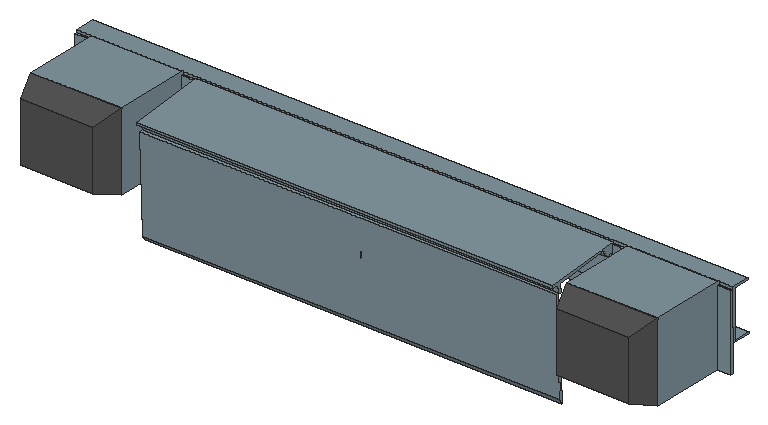
Revit family "Loading-Dock-Equipment_Leveler_McGuire_Hydraulic-EOD", category Generic Models, host Face, Revit 2026
Family settings
  Host = Face
  Can host rebar = No
  Round Connector Dimension = Use Diameter
  Part Type = Normal
  Classification Number = 23.50.70.14.14
  Cut with Voids When Loaded = No
  Maintain Annotation Orientation = No
  Shared = No
  Room Calculation Point = No
Parameters (values of type "as Specified")
  Warranty Duration (Years) = 0
  Unit Width = 8' - 8"
  Unit Height = 1' - 8"
  Unit Depth = 1' - 4"
  URL = "http://www.wbmcguire.com/"
  Textured Surface [instance] = Metal - McGuire - Textured Surface
  Test Data = ""
  Specification = ""
  SpecWizard = ""
  Send Message = ""
  Sales Information = "http://www.wbmcguire.com/Contact-Us"
  Revision = "R1_2017-01"
  Product Properties = ""
  Product Data = "http://www.arcat.com/arcatcos/cos36/arc36404.html"
  Mounting Type_Two Piece Angle Plate [instance] = no
  Mounting Type_Preinstalled Curb Angle [instance] = no
  Mounting Type_One Piece Angle Plate [instance] = no
  Mounting Type_8in Pour In Channel [instance] = yes
  Mounting Option Offset [instance] = if(or(Mounting Type_8in Pour In Channel, Mounting Type_Preinstalled Curb Angle), 0' 0", 0' 0 1/4")  # 0' - 0"
  Model = "As Specified"
  Manufacturer Website = "http://www.wbmcguire.com/"
  Manufacturer Phone - Toll Free = "800-624-8473"
  Manufacturer Phone = "262-257-7309"
  Manufacturer Fax = "262-255-4199"
  Manufacturer Address = "W194 N11481  McCormick Dr.   Germantown, WI 53022"
  Manufacturer = "McGuire"
  Maintenance Schedule (Months) = 0
  Keynote = "11160"
  Installation-Fabrication = ""
  Installation Phase = ""
  Green Building-LEED = "http://www.arcat.com/green/clients/leed_data_36404.html"
  Fixture Material = Metal - McGuire - Finish as Specified
  Expected Lifespan (Years) = 0
  Electrical_Voltage [instance] = 110 V
  Electrical_Phase [instance] = 1
  Electrical_Frequency [instance] = 60 Hz
  Drawn By = "Sumex Design, Inc. / Robert S. Weygant, CSI, CDT, SCIP"
  Description = "McGuire Loading Dock Product as Specified"
  Default Elevation = 0' - 0"
  Deck Width = 5' - 6"
  Deck Length = 2' - 3"
  Copyright = "©Arcat Inc."
  Construction Details = ""
  Capacity = "as Specified"
  Bumper Housing Finish [instance] = Metal - McGuire - Finish as Specified
  Bumper Finish [instance] = Rubber - McGuire - Black
  Building Codes = ""
  Available Options [instance] = "as Specified"
  Assembly Code = "E1030300"
Reference planes (in)
  plane 1 "Center (Front/Back)": y = 14.76898
  plane 2: z = 0
  plane 3 "Center (Left/Right)": x = 0
  plane 4: x = -52
  plane 5: x = 52
  plane 6 "Dock Wall": y = 22.76898
  plane 7: z = -20
  plane 8: y = 15.76898
  plane 9: y = 6.76898
  plane 10: x = -33
  plane 11: x = 33
  plane 12: x = 51.375
  plane 13: x = -51.375
  plane 14: y = 22.76898
Forms (in)
  Extrusion 1, solid, material "Metal - McGuire - Finish as Specified" <- "Bumper Housing Finish"
    sketch origin (0, 0, 0) x (1, 0, 0) y (0, 1, 0)
      loop
        line (-49.71875, 22.76898) -> (-52, 22.76898) -> (-52, 22.39398) -> (-49.71875, 22.39398) -> (-49.71875, 22.76898)
      loop
        line (-35.28125, 22.76898) -> (-35.28125, 22.39398) -> (-33, 22.39398) -> (-33, 22.76898) -> (-35.28125, 22.76898)
      loop
        line (49.71875, 22.76898) -> (49.71875, 22.39398) -> (52, 22.39398) -> (52, 22.76898) -> (49.71875, 22.76898)
      loop
        line (35.28125, 22.76898) -> (33, 22.76898) -> (33, 22.39398) -> (35.28125, 22.39398) -> (35.28125, 22.76898)
    from -0.375 to -12.375
  Extrusion 2, solid, material "Metal - McGuire - Finish as Specified" <- "Bumper Housing Finish"
    sketch origin (0, 0, 0) x (1, 0, 0) y (0, 1, 0)
      loop
        line (-49.71875, 22.76898) -> (-49.71875, 10.76898) -> (-35.28125, 10.76898) -> (-35.28125, 22.76898) -> (-49.71875, 22.76898)
      loop
        line (49.71875, 22.76898) -> (35.28125, 22.76898) -> (35.28125, 10.76898) -> (49.71875, 10.76898) -> (49.71875, 22.76898)
    from 0 to -12.375
  Blend 3, solid, material "Rubber - McGuire - Black" <- "Bumper Finish"
    base sketch origin (-23.95094, 6.76898, 48) x (-1, 0, 0) y (0, 0, 1)
      loop
        line (25.76781, -48) -> (11.33031, -48) -> (11.33031, -60.375) -> (25.76781, -60.375) -> (25.76781, -48)
    top sketch origin (-23.95094, 6.76898, 48) x (-1, 0, 0) y (0, 0, 1)
      loop
        line (24.26781, -49.5) -> (12.83031, -49.5) -> (12.83031, -58.875) -> (24.26781, -58.875) -> (24.26781, -49.5)
    from 4 to 0
  Blend 4, solid, material "Rubber - McGuire - Black" <- "Bumper Finish"
    base sketch origin (-23.95094, 6.76898, 48) x (-1, 0, 0) y (0, 0, 1)
      loop
        line (-59.23219, -48) -> (-73.66969, -48) -> (-73.66969, -60.375) -> (-59.23219, -60.375) -> (-59.23219, -48)
    top sketch origin (-23.95094, 6.76898, 48) x (-1, 0, 0) y (0, 0, 1)
      loop
        line (-60.73219, -49.5) -> (-72.16969, -49.5) -> (-72.16969, -58.875) -> (-60.73219, -58.875) -> (-60.73219, -49.5)
    from 4 to 0
  Sweep 5, solid, material "Metal - McGuire - Finish as Specified" <- "Fixture Material"
    path origin (-54, 22.76898, 48) x (-1, 0, 0) y (0, 0, 1)
      loop
        line (-21, -68) -> (-87, -68)
    profile origin (0, 22.76898, -20) x (0, 0, -1) y (0, 1, 0)
      loop
        line (-18.59661, -0.375) -> (-13.9902, -0.375) -> (-13.9902, 0) -> (-19.78565, 0)
        arc (-19.78565, 0) -> (-19.35898, -5.99477) -> (-18.68386, -11.96666) r 144.77021
        line (-18.68386, -11.96666) -> (-18.32322, -11.91829) -> (-18.44785, -10.98908) -> (-17.23737, -10.79909) -> (-17.16204, -11.27902)
        arc (-17.16204, -11.27902) -> (-9.51744, -11.23322) -> (-1.89482, -10.65202) r 109.06128
        line (-1.89482, -10.65202) -> (-1.25, -10.20051)
        arc (-1.25, -10.20051) -> (-9.15261, -10.84226) -> (-17.08098, -10.90619) r 108.68628
        line (-17.08098, -10.90619) -> (-17.12503, -10.48706) -> (-18.49005, -10.63053)
        arc (-18.49005, -10.63053) -> (-18.97784, -6.16401) -> (-19.32644, -1.68447) r 144.40634
        arc (-19.32644, -1.68447) -> (-18.284, -1.40735) -> (-18.59661, -0.375) r 0.75
  Sweep 6, solid, material "Metal - McGuire - Finish as Specified" <- "Fixture Material"
    path origin (-54, 22.76898, 48) x (-1, 0, 0) y (0, 0, 1)
      loop
        line (-52.25, -62.07914) -> (-55.75, -62.07914)
    profile origin (0, 22.76898, -14.07914) x (0, 0, -1) y (0, 1, 0)
      loop
        line (-5.57914, -3.54586) -> (-5.57914, -0.375) -> (-9.82914, -0.375) -> (-9.82914, -7.625) -> (-5.57914, -7.625) -> (-5.57914, -5.9187) -> (-3.14144, -8.3564) -> (-6.90021, -9.72448) -> (-6.90021, -10.94376) -> (0, -10.64993) -> (0, -10.14993) -> (-1.5, -10.14993) -> (-1.5, -7.625) -> (-5.57914, -3.54586)
  Extrusion 7, solid, material "Metal - McGuire - Finish as Specified" <- "Fixture Material", visible <- "Mounting Type_8in Pour In Channel"
    sketch origin (0, 0, 0) x (0, 1, 0) y (0, 0, 1)
      loop
        line (22.73773, 0.03125) -> (22.73773, -8) -> (25.76898, -8) -> (25.76898, -7.75) -> (23.01898, -7.75) -> (23.01898, -0.25) -> (25.76898, -0.25) -> (25.76898, 0.03125) -> (22.73773, 0.03125)
    from -52 to 52
  Extrusion 8, solid, material "Metal - McGuire - Finish as Specified" <- "Fixture Material"
    sketch origin (-23.95094, 6.76898, 48) x (-1, 0, 0) y (0, 0, 1)
      loop
        line (-25.70094, -56.5) -> (-25.70094, -68) -> (-22.20094, -68) -> (-22.20094, -56.5) -> (-25.70094, -56.5)
    from 12.94799 to 15.625
  Revolve 9, solid, material "Rubber - McGuire - Black" <- "Bumper Finish"
    sketch origin (-23.95094, 18.76898, 48.25) x (-1, 0, 0) y (0, 0, 1)
      loop
        line (-21.95094, -62.29423) -> (-3.48409, -62.29423) -> (-3.48409, -59.41923) -> (-14.20094, -59.41923) -> (-14.20094, -58.79423) -> (-21.95094, -58.79423) -> (-21.95094, -62.29423)
      axis (-3.48409, -62.29423) -> (-21.95094, -62.29423)
    angle from 0 to 360
Lines and regions (in)
  model lines, style "InvisibleLines"
    curve 1: line (0, 22.76898, 0) -> (0, 22.76898, 6)
Dimensions and locks (in)
  equal spacing: plane 4, plane 3 "Center (Left/Right)", plane 5
  "Unit Width": plane 4 to plane 5
  "Unit Height": level to plane 7
  equal spacing: plane 6 "Dock Wall", plane 1 "Center (Front/Back)", plane 9
  "Unit Depth": plane 14 to plane 9
  plane 4 to Extrusion 1 sketch curve to Extrusion 1 sketch curve to Extrusion 1 sketch curve = 0' - 2 9/32" locked, 1' - 2 7/16" locked, 0' - 2 9/32" locked
  Extrusion 1 sketch curve to Extrusion 1 sketch curve to Extrusion 1 sketch curve to plane 5 = 0' - 2 9/32" locked, 1' - 2 7/16" locked, 0' - 2 9/32" locked
  equal spacing: plane 10, plane 3 "Center (Left/Right)", plane 11
  "Deck Width": plane 10 to plane 11
  locked: plane 4 to plane 13 at 0.625
  locked: plane 12 to plane 5 at 0.625
  plane 4 to Extrusion 2 sketch curve to Extrusion 2 sketch curve = 0' - 2 9/32" locked, 1' - 2 7/16" locked
  Extrusion 2 sketch curve to Extrusion 2 sketch curve to plane 5 = 1' - 2 7/16" locked, 0' - 2 9/32" locked
  "Mounting Option Offset": plane 6 "Dock Wall" to plane 14
  locked: Extrusion 2 sketch curve to plane 9 at 4  (x2)
  locked: plane 14 to Extrusion 1 sketch curve at 0.375  (x4)
  Sweep 6 sketch curve to plane 3 "Center (Left/Right)" to Sweep 6 sketch curve = 0' - 1 3/4" locked, 0' - 1 3/4" locked
  plane 3 "Center (Left/Right)" to Revolve 9 sketch curve to Revolve 9 sketch curve to Revolve 9 sketch curve = 0' - 2" locked, 0' - 7 3/4" locked, 0' - 10.71684" locked
  Extrusion 8 sketch curve to plane 3 "Center (Left/Right)" to Extrusion 8 sketch curve = 0' - 1 3/4" locked, 0' - 1 3/4" locked
  locked: plane 9 to Revolve 9 at 12
  locked: plane 10 to Blend 3 sketch curve at 2.28125
  locked: Blend 3 sketch curve to plane 4 at 2.28125
  locked: Blend 4 sketch curve to plane 11 at 2.28125
  locked: plane 5 to Blend 4 sketch curve at 2.28125
  aligned and locked: plane 2 to host face
  aligned and locked: level to host face
  aligned and locked: Extrusion 1 sketch curve to plane 4
  aligned and locked: Extrusion 1 sketch curve to plane 5
  aligned and locked: plane 11 to Sweep 5 sketch curve
  aligned and locked: plane 10 to Sweep 5 sketch curve
  aligned and locked: Extrusion 2 sketch curve to plane 14
  aligned and locked: plane 14 to Extrusion 2 sketch curve
  aligned and locked: plane 14 to Extrusion 1 sketch curve  (x2)
  aligned and locked: Extrusion 1 sketch curve to plane 14  (x2)
  aligned and locked: plane 5 to Extrusion 7
  aligned and locked: Extrusion 7 to plane 4
Automatic sketch dimensions
  host sketch curve to host sketch curve = 8' - 8"
  host sketch curve to host sketch curve = 2' - 1.23102"
  Sweep 5 sketch curve to plane 7 = 0' - 0"
  Sweep 6 sketch curve to plane 14 = 0' - 7 5/8"
  Sweep 6 sketch curve to Sweep 6 sketch curve = 0' - 1 1/2"
  Sweep 6 sketch curve to plane 14 = 0' - 8.3564"
  Sweep 6 sketch curve to Sweep 6 sketch curve = 0' - 1.64144"
  Sweep 6 sketch curve to plane 14 = 0' - 5.9187"
  Sweep 6 sketch curve to Sweep 6 sketch curve = 0' - 2.4377"
  Sweep 6 sketch curve to plane 14 = 0' - 3.54586"
  Sweep 6 sketch curve to Sweep 6 sketch curve = 0' - 0"
  Sweep 6 sketch curve to plane 14 = 0' - 9.72448"
  Sweep 6 sketch curve to Sweep 6 sketch curve = 0' - 1.32107"
  Sweep 6 sketch curve to Sweep 6 sketch curve = 0' - 4 1/4"
  Sweep 6 sketch curve to Sweep 6 sketch curve = 0' - 1.21929"
  Sweep 6 sketch curve to Sweep 6 sketch curve = 0' - 3.02493"
  Sweep 6 sketch curve to Sweep 6 sketch curve = 0' - 0 1/2"
  Sweep 6 sketch curve to Sweep 6 sketch curve = 0' - 1.7063"
  Sweep 6 sketch curve to Sweep 6 sketch curve = 0' - 3.17086"
  profile plane to Sweep 6 sketch curve = 0' - 9.82914"
  curve 1 to plane 3 "Center (Left/Right)" = 0' - 0"
  curve 1 to level = 0' - 0"
  Extrusion 7 sketch curve to plane 6 "Dock Wall" = 0' - 0 1/32"
  level to Extrusion 7 sketch curve = 0' - 0 1/32"
  plane 6 "Dock Wall" to Extrusion 7 sketch curve = 0' - 0 1/4"
  Extrusion 7 sketch curve to Extrusion 7 sketch curve = 0' - 2 3/4"  (x2)
  Extrusion 7 sketch curve to level = 0' - 0 1/4"
  Extrusion 7 sketch curve to Extrusion 7 sketch curve = 0' - 7 1/2"
  Extrusion 7 sketch curve to Extrusion 7 sketch curve = 0' - 0 1/4"
  curve 1 to curve 1 = 0' - 6"
  Extrusion 8 sketch curve to plane 7 = 0' - 0"
  plane 7 to Extrusion 8 sketch curve = 0' - 11 1/2"
  Sweep 5 sketch curve to Sweep 5 sketch curve = 0' - 0"  (x4)
  Sweep 5 sketch curve to plane 14 = 0' - 0"
  profile plane to Sweep 5 sketch curve = 1' - 7.78565"
  Sweep 5 sketch curve to plane 14 = 0' - 0 3/8"
  Sweep 5 sketch curve to Sweep 5 sketch curve = 0' - 1.18904"
  Sweep 5 sketch curve to Sweep 5 sketch curve = 0' - 0.25526"
  Sweep 5 sketch curve to Sweep 5 sketch curve = 0' - 0.19382"
  Sweep 5 sketch curve to Sweep 5 sketch curve = 0' - 0.36065"
  Sweep 5 sketch curve to Sweep 5 sketch curve = 0' - 1.16118"
  Sweep 5 sketch curve to Sweep 5 sketch curve = 0' - 1.36502"
  Sweep 5 sketch curve to Sweep 5 sketch curve = 0' - 0.08106"
  profile plane to Sweep 5 sketch curve = 1' - 1.99262"
  Sweep 5 sketch curve to Sweep 5 sketch curve = 0' - 4.94892"
  profile plane to Sweep 5 sketch curve = 0' - 1.89482"
  Sweep 5 sketch curve to Sweep 5 sketch curve = 0' - 0.64482"
  plane 14 to Sweep 5 sketch curve = 0' - 7.27834"
  Sweep 5 sketch curve to Sweep 5 sketch curve = 0' - 0.63927"
  Sweep 5 sketch curve to plane 14 = 0' - 10.65202"
  Sweep 5 sketch curve to Sweep 5 sketch curve = 0' - 0.27566"
  Sweep 5 sketch curve to Sweep 5 sketch curve = 0' - 0.66722"
  Sweep 5 sketch curve to Sweep 5 sketch curve = 0' - 0.0422"
  Sweep 5 sketch curve to plane 14 = 0' - 10.98908"
  Sweep 5 sketch curve to Sweep 5 sketch curve = 0' - 0.15639"
  Sweep 5 sketch curve to Sweep 5 sketch curve = 0' - 0.35855"
  Sweep 5 sketch curve to Sweep 5 sketch curve = 0' - 0.1071"
  Sweep 5 sketch curve to Sweep 5 sketch curve = 0' - 0.34251"
  plane 7 to Revolve 9 sketch curve = 0' - 5.95577"  (x2)
  Revolve 9 sketch curve to Revolve 9 sketch curve = 0' - 2 7/8"
  Revolve 9 sketch curve to Revolve 9 sketch curve = 0' - 3 1/2"
  plane 3 "Center (Left/Right)" to Revolve 9 sketch curve = 0' - 6.6487"
  Revolve 9 sketch curve to Revolve 9 sketch curve = 0' - 11.8513"
  plane 7 to Sweep 6 sketch curve = 0' - 5.92086"
  Blend 3 sketch curve to level = 0' - 0"
  plane 7 to Blend 3 sketch curve = 0' - 7 5/8"
  Blend 3 sketch curve to level = 0' - 1 1/2"
  Blend 3 sketch curve to plane 10 = 0' - 3 25/32"
  plane 13 to Blend 3 sketch curve = 0' - 3 5/32"
  plane 7 to Blend 3 sketch curve = 0' - 9 1/8"
  Blend 4 sketch curve to level = 0' - 0"
  plane 7 to Blend 4 sketch curve = 0' - 7 5/8"
  Blend 4 sketch curve to level = 0' - 1 1/2"
  Blend 4 sketch curve to plane 12 = 0' - 3 5/32"
  plane 11 to Blend 4 sketch curve = 0' - 3 25/32"
  plane 7 to Blend 4 sketch curve = 0' - 9 1/8"
Connectors (in)
  electrical at (-2, 18.76898, -14.04423)
    settings: on Revolve 9, index 1, voltage 0 V, apparent load 0 VA, apparent load phase1 0 VA, apparent load phase2 0 VA, apparent load phase3 0 VA, power factor 1, load classification "Other", number of poles 1, system type 13, power factor state 1, is connector primary yes, connector utility no, sub classification motor no, connector description ""
